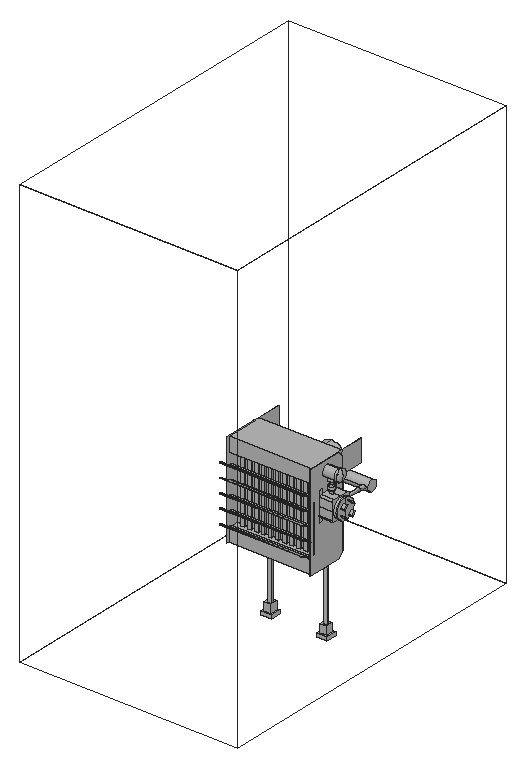
Revit family "Heater-BERKO-Explosion_Proof_Unit", category Mechanical Equipment, host Face, Revit 2020 (continued)
Types (67): name | Watts | Voltage | Total Heating Capacity | Shipping Weight | Phase | Motor RPM | Motor HP | Model | MW Height | MH Height | Length | Height | Frequency | Frame Size 3 | Frame Size 2 | Fan Blade Diameter | Depth | Classification | Amps | Air Flow - Throw | Actual Supply Air Flow
  RUX-233-FB-0136G | 12500 W | 380 V | 42650.0 Btu/h | "169 lbs" | 3 | "1438 RPM" | 0.25 | "RUX-233-FB-0136G" | 0' - 7" | 1' - 3 1/16" | 1' - 9 3/4" | 1' - 11 3/8" | 50 Hz | no | yes | 1' - 4" | 1' - 8 3/16" | "50 Hz Models/Class I, Divisions 1 and 2, Groups C & D/Class II, Divisions 1 and 2, Groups E, F & G/Class I, Zones 1 and 2, Group II" | 21 A | 3' - 3" | 1500 CFM
  RUX-233-FB-0136H | 12500 W | 400 V | 42650.0 Btu/h | "169 lbs" | 3 | "1438 RPM" | 0.25 | "RUX-233-FB-0136H" | 0' - 7" | 1' - 3 1/16" | 1' - 9 3/4" | 1' - 11 3/8" | 50 Hz | no | yes | 1' - 4" | 1' - 8 3/16" | "50 Hz Models/Class I, Divisions 1 and 2, Groups C & D/Class II, Divisions 1 and 2, Groups E, F & G/Class I, Zones 1 and 2, Group II" | 19 A | 3' - 3" | 1500 CFM
  RUX-233-FB-0136I | 12500 W | 415 V | 42650.0 Btu/h | "169 lbs" | 3 | "1438 RPM" | 0.25 | "RUX-233-FB-0136I" | 0' - 7" | 1' - 3 1/16" | 1' - 9 3/4" | 1' - 11 3/8" | 50 Hz | no | yes | 1' - 4" | 1' - 8 3/16" | "50 Hz Models/Class I, Divisions 1 and 2, Groups C & D/Class II, Divisions 1 and 2, Groups E, F & G/Class I, Zones 1 and 2, Group II" | 18 A | 3' - 3" | 1500 CFM
  RUX-233-FB-0176F | 16700 W | 220 V | 56982.0 Btu/h | "169 lbs" | 3 | "1438 RPM" | 0.25 | "RUX-233-FB-0176F" | 0' - 7" | 1' - 3 1/16" | 1' - 9 3/4" | 1' - 11 3/8" | 50 Hz | no | yes | 1' - 4" | 1' - 8 3/16" | "50 Hz Models/Class I, Divisions 1 and 2, Groups C & D/Class II, Divisions 1 and 2, Groups E, F & G/Class I, Zones 1 and 2, Group II" | 46 A | 3' - 3" | 1500 CFM
  RUX-233-FB-0176G | 16700 W | 380 V | 56982.0 Btu/h | "169 lbs" | 3 | "1438 RPM" | 0.25 | "RUX-233-FB-0176G" | 0' - 7" | 1' - 3 1/16" | 1' - 9 3/4" | 1' - 11 3/8" | 50 Hz | no | yes | 1' - 4" | 1' - 8 3/16" | "50 Hz Models/Class I, Divisions 1 and 2, Groups C & D/Class II, Divisions 1 and 2, Groups E, F & G/Class I, Zones 1 and 2, Group II" | 28 A | 3' - 3" | 1500 CFM
  RUX-233-FB-0176H | 16700 W | 400 V | 56982.0 Btu/h | "169 lbs" | 3 | "1438 RPM" | 0.25 | "RUX-233-FB-0176H" | 0' - 7" | 1' - 3 1/16" | 1' - 9 3/4" | 1' - 11 3/8" | 50 Hz | no | yes | 1' - 4" | 1' - 8 3/16" | "50 Hz Models/Class I, Divisions 1 and 2, Groups C & D/Class II, Divisions 1 and 2, Groups E, F & G/Class I, Zones 1 and 2, Group II" | 25 A | 3' - 3" | 1500 CFM
  RUX-233-FB-0176I | 16700 W | 315 V | 56982.0 Btu/h | "169 lbs" | 3 | "1438 RPM" | 0.25 | "RUX-233-FB-0176I" | 0' - 7" | 1' - 3 1/16" | 1' - 9 3/4" | 1' - 11 3/8" | 50 Hz | no | yes | 1' - 4" | 1' - 8 3/16" | "50 Hz Models/Class I, Divisions 1 and 2, Groups C & D/Class II, Divisions 1 and 2, Groups E, F & G/Class I, Zones 1 and 2, Group II" | 24 A | 3' - 3" | 1500 CFM
  RUX-233-FC-0216G | 21000 W | 380 V | 71654.0 Btu/h | "216 lbs" | 3 | "1438 RPM" | 0.5 | "RUX-233-FC-0216G" | 0' - 5" | 1' - 7 1/16" | 1' - 10 3/4" | 2' - 3 3/8" | 50 Hz | yes | no | 1' - 8" | 2' - 0 3/16" | "50 Hz Models/Class I, Divisions 1 and 2, Groups C & D/Class II, Divisions 1 and 2, Groups E, F & G/Class I, Zones 1 and 2, Group II" | 33 A | 4' - 9" | 2600 CFM
  RUX-233-FC-0216H | 21000 W | 400 V | 71654.0 Btu/h | "216 lbs" | 3 | "1438 RPM" | 0.5 | "RUX-233-FC-0216H" | 0' - 5" | 1' - 7 1/16" | 1' - 10 3/4" | 2' - 3 3/8" | 50 Hz | yes | no | 1' - 8" | 2' - 0 3/16" | "50 Hz Models/Class I, Divisions 1 and 2, Groups C & D/Class II, Divisions 1 and 2, Groups E, F & G/Class I, Zones 1 and 2, Group II" | 32 A | 4' - 9" | 2600 CFM
  RUX-233-FC-0216I | 21000 W | 415 V | 71654.0 Btu/h | "216 lbs" | 3 | "1438 RPM" | 0.5 | "RUX-233-FC-0216I" | 0' - 5" | 1' - 7 1/16" | 1' - 10 3/4" | 2' - 3 3/8" | 50 Hz | yes | no | 1' - 8" | 2' - 0 3/16" | "50 Hz Models/Class I, Divisions 1 and 2, Groups C & D/Class II, Divisions 1 and 2, Groups E, F & G/Class I, Zones 1 and 2, Group II" | 31 A | 4' - 9" | 2600 CFM
  RUX-233-FC-0256G | 25000 W | 380 V | 85303.0 Btu/h | "216 lbs" | 3 | "1438 RPM" | 0.5 | "RUX-233-FC-0256G" | 0' - 5" | 1' - 7 1/16" | 1' - 10 3/4" | 2' - 3 3/8" | 50 Hz | yes | no | 1' - 8" | 2' - 0 3/16" | "50 Hz Models/Class I, Divisions 1 and 2, Groups C & D/Class II, Divisions 1 and 2, Groups E, F & G/Class I, Zones 1 and 2, Group II" | 39 A | 4' - 9" | 2600 CFM
  RUX-233-FC-0256H | 25000 W | 400 V | 85303.0 Btu/h | "216 lbs" | 3 | "1438 RPM" | 0.5 | "RUX-233-FC-0256H" | 0' - 5" | 1' - 7 1/16" | 1' - 10 3/4" | 2' - 3 3/8" | 50 Hz | yes | no | 1' - 8" | 2' - 0 3/16" | "50 Hz Models/Class I, Divisions 1 and 2, Groups C & D/Class II, Divisions 1 and 2, Groups E, F & G/Class I, Zones 1 and 2, Group II" | 37 A | 4' - 9" | 2600 CFM
  RUX-233-FC-0256I | 25000 W | 415 V | 85303.0 Btu/h | "216 lbs" | 3 | "1438 RPM" | 0.5 | "RUX-233-FC-0256I" | 0' - 5" | 1' - 7 1/16" | 1' - 10 3/4" | 2' - 3 3/8" | 50 Hz | yes | no | 1' - 8" | 2' - 0 3/16" | "50 Hz Models/Class I, Divisions 1 and 2, Groups C & D/Class II, Divisions 1 and 2, Groups E, F & G/Class I, Zones 1 and 2, Group II" | 36 A | 4' - 9" | 2600 CFM
